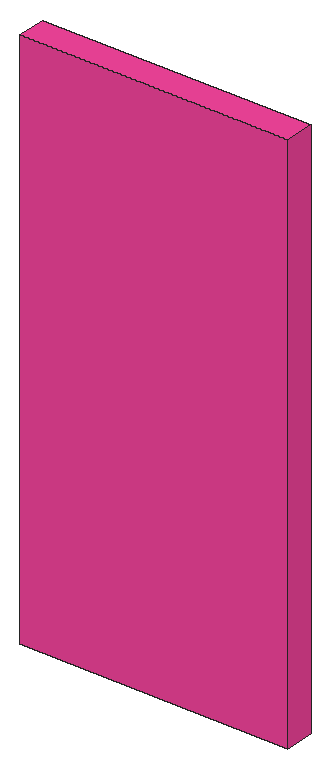
Revit family "EXP_WT-1C_CPan-007", category Curtain Panels, Revit 2021
Family settings
  OmniClass Number = 23.25.20.14.11.11.17
  OmniClass Title = Infill Panels
  Always vertical = Yes
  Cut with Voids When Loaded = No
  Shared = No
Parameters (values of type "EXP_WT-1C_CPan-008")
  UI-UnitNumber [instance] = "001"
  UI-Quadrant [instance] = "SE"
  UI-ProjectAbbreviation = "NEU"
  UI-ItemCategory = "PID"
  UI-FloorNumber [instance] = "03"
  PNT-WallType = "WT1C"
  PNT-ProjectAbbreviation = "NEU"
  PNT-PanelType [instance] = "01"
  PNT-ItemCategory = "PNL"
  GlassH1 = MP-F(Glass)
  Define Thermal Properties by = Schematic Type
  CellSp = 0' - 10 3/16"
  CellL [instance] = 7' - 10"
  CellH1 [instance] = CellH  # 15' - 11 1/2"
  CellH [instance] = 15' - 11 1/2"
  Analytic Construction = "<None>"
Reference planes (in)
  plane 1 "Center (Front/Back)": y = 0
  plane 2: z = 0
  plane 3 "Center (Left/Right)": x = 0
  plane 4 "Left": x = -47
  plane 5 "Right": x = 47
  plane 6 "Top": z = 191.5
  plane 7: y = -10.1875
Forms (in)
  Extrusion 1, solid, material "MP-F(Glass)" <- "GlassH1"
    sketch origin (0, 0, 0) x (0, 1, 0) y (0, 0, 1)
      loop
        line (0, 191.5) -> (-10.1875, 191.5) -> (-10.1875, 0) -> (0, 0) -> (0, 191.5)
    from -47 to 47
Text (in)
  text "Exterior" at (-92.59733, 55.75508, 0), in view "Ref. Level"
  text "Exterior" at (0, 90.18664, 173.49264), in view "Left"
  text "Exterior" at (0, 52.29083, 162.21847), in view "Right"
Dimensions and locks (in)
  equal spacing: plane 4 "Left", plane 3 "Center (Left/Right)", plane 5 "Right"  (x2)
  "CellL": plane 4 "Left" to plane 5 "Right"
  "CellH": plane 2 to plane 6 "Top"
  "CellSp": plane 7 to plane 1 "Center (Front/Back)"
  aligned and locked: level to plane 2
  aligned and locked: Extrusion 1 sketch curve to level
  aligned and locked: Extrusion 1 sketch curve to plane 7
  aligned and locked: Extrusion 1 to plane 5 "Right"
  aligned and locked: plane 4 "Left" to Extrusion 1
  aligned and locked: Extrusion 1 to plane 6 "Top"
  aligned and locked: plane 5 "Right" to nested 1
  aligned and locked: plane 4 "Left" to nested 1
  aligned and locked: Extrusion 1 to plane 2
  aligned and locked: nested 1 to plane 6 "Top"
  aligned and locked: nested 1 to plane 7
Automatic sketch dimensions
  Extrusion 1 sketch curve to plane 1 "Center (Front/Back)" = 0' - 0"
  level to Extrusion 1 sketch curve = 15' - 11 1/2"
Nested families (in)
  nested 1: "EXP_xx_DetO-002" at (0, -10.1875, 0), CellH <- "CellH", CellL <- "CellL", type "EXP_xx_DetO-002", detail levels coarse
    with CellL 7' - 10", CellH 15' - 11 1/2"
Definition of nested family "EXP_xx_DetO-002"
  Parameters (values of type "EXP_xx_DetO-002")
    Default Elevation = 0' - 0"
    CellL [instance] = 5' - 4.56693"
    CellH [instance] = 5' - 2.99213"
  Reference planes (in)
    plane 1 "Center (Front/Back)": y = 0
    plane 2: z = 0
    plane 3 "Center (Left/Right)": x = 0
    plane 4: x = -32.28346
    plane 5: x = 32.28346
    plane 6: z = 62.99213
  Lines and regions (in)
    model lines
      curve 1: line (-32.28346, 0, 62.99213) -> (32.28346, 0, 0)
      curve 2: line (32.28346, 0, 62.99213) -> (-32.28346, 0, 0)
  Dimensions and locks (in)
    "CellH": plane 6 to level
    equal spacing: plane 4, plane 3 "Center (Left/Right)", plane 5
    "CellL": plane 4 to plane 5
    aligned and locked: level to plane 2
  Automatic sketch dimensions
    curve 2 to level = 0' - 0"
    plane 4 to curve 2 = 0' - 0"
    plane 4 to curve 1 = 0' - 0"
    plane 5 to curve 2 = 0' - 0"
    curve 1 to level = 0' - 0"
    plane 5 to curve 1 = 0' - 0"
    curve 2 to plane 6 = 0' - 0"
    curve 1 to plane 6 = 0' - 0"
